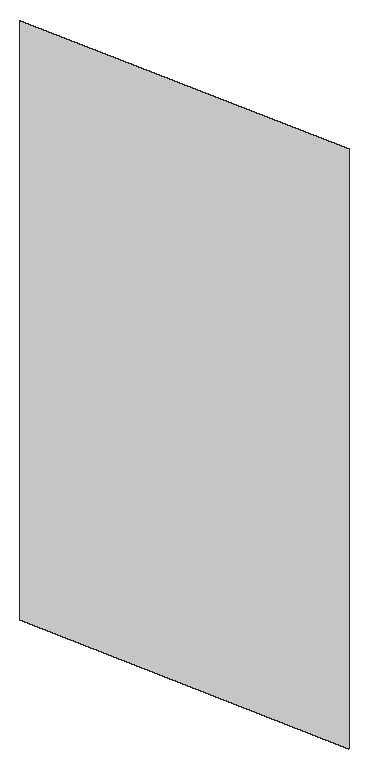
Revit family "PKNail Com Outlet", category Electrical Fixtures, host Wall, Revit 2017
Family settings
  Host = Wall
  Maintain Annotation Orientation = No
  Round Connector Dimension = Use Diameter
  Part Type = Normal
  OmniClass Number = 23.80.50.11.11
  OmniClass Title = Receptacle Terminal Units
  Always vertical = Yes
  Cut with Voids When Loaded = No
  Shared = No
  Room Calculation Point = No
Parameters (values of type "COM Outlet")
  Width = 0' - 2 3/4"
  PKNail Family Measure Location Centered = yes
  PKNail Family Instance Elevation [instance] = 0' - 10"
  PKNail Family Fixed Dimensions = "Width:Height"
  Label = "COM"
  Height = 0' - 4 1/2"
  Material = Plastic - White
Reference planes (in)
  plane 1: y = 0
  plane 2 "Center (Left/Right)": x = 0
  plane 3 "Back": y = 3
  plane 4 "Left": x = -1.375
  plane 5 "Right": x = 1.375
  plane 6: z = 9.75
  plane 7: z = 14.25
  plane 8 "Center (Elevation)": z = 12
  plane 9: y = 3.1875
  plane 10: y = 3.25
  plane 11: z = 2
Forms (in)
  Blend 1, solid, material "Plastic - White" <- "Material"
    base sketch origin (0, 3, 0) x (1, 0, 0) y (0, 0, 1)
      loop
        line (1.375, 14.25) -> (-1.375, 14.25) -> (-1.375, 9.75) -> (1.375, 9.75) -> (1.375, 14.25)
    top sketch origin (0, 3, 0) x (1, 0, 0) y (0, 0, 1)
      loop
        line (1.1875, 14.0625) -> (-1.1875, 14.0625) -> (-1.1875, 9.9375) -> (1.1875, 9.9375) -> (1.1875, 14.0625)
    from 0 to -0.1875
Lines and regions (in)
  model lines, style "InvisibleLines"
    curve 1: line (0, 3, 9.75) -> (0, 3, 2)
Text (in)
  text "Placement Side" at (0, 40.15149, 123.01588), in view "Right"
  text "Placement Side" at (0, 47.49176, 140.59947), in view "Left"
Dimensions and locks (in)
  locked: plane 3 "Back" to host wall
  "Height": plane 6 to plane 7
  "Width": plane 5 "Right" to plane 4 "Left"
  equal spacing: plane 5 "Right", plane 2 "Center (Left/Right)", plane 4 "Left"
  equal spacing: plane 6, plane 8 "Center (Elevation)", plane 7
  locked: plane 3 "Back" to plane 9 at 0.1875
  locked: plane 9 to plane 10 at 0.0625
  "PKNail Family Instance Elevation": plane 11 to plane 8 "Center (Elevation)"
  aligned and locked: plane 6 to Blend 1 sketch curve
  aligned and locked: plane 5 "Right" to Blend 1 sketch curve
  aligned and locked: Blend 1 sketch curve to plane 7
  aligned and locked: plane 3 "Back" to nested 1
  aligned and locked: Blend 1 to curve 1
  aligned and locked: curve 1 to plane 2 "Center (Left/Right)"
Automatic sketch dimensions
  plane 4 "Left" to Blend 1 sketch curve = 0' - 0 3/16"
  Blend 1 sketch curve to plane 5 "Right" = 0' - 0 3/16"
  Blend 1 sketch curve to plane 6 = 0' - 0 3/16"
  plane 7 to Blend 1 sketch curve = 0' - 0 3/16"
  Blend 1 sketch curve to plane 4 "Left" = 0' - 0"
  curve 1 to plane 11 = 0' - 0"
Nested families (in)
  nested 1: "Outlet Annotation2" at (-0.0036, 3, 0), type "Outlet Annotation2"
Definition of nested family "Outlet Annotation2"
  Parameters
    Label = "TV"
  Reference planes (in)
    plane 1: y = 0
    plane 2: x = 0
  Lines and regions (in)
    detail lines
      curve 1: line (0, 0.01567, 0) -> (0, 0.10936, 0)
      curve 2: line (-0.0625, 0.23436, 0) -> (0.0625, 0.23436, 0)
      curve 3: line (-0.0625, 0.10936, 0) -> (-0.0625, 0.23436, 0)
      curve 4: line (0.0625, 0.10936, 0) -> (-0.0625, 0.10936, 0)
      curve 5: line (0.0625, 0.23436, 0) -> (0.0625, 0.10936, 0)
  Text (in)
    label "Label" at (-0.00005, 0.17151, 0), shows "Label"
